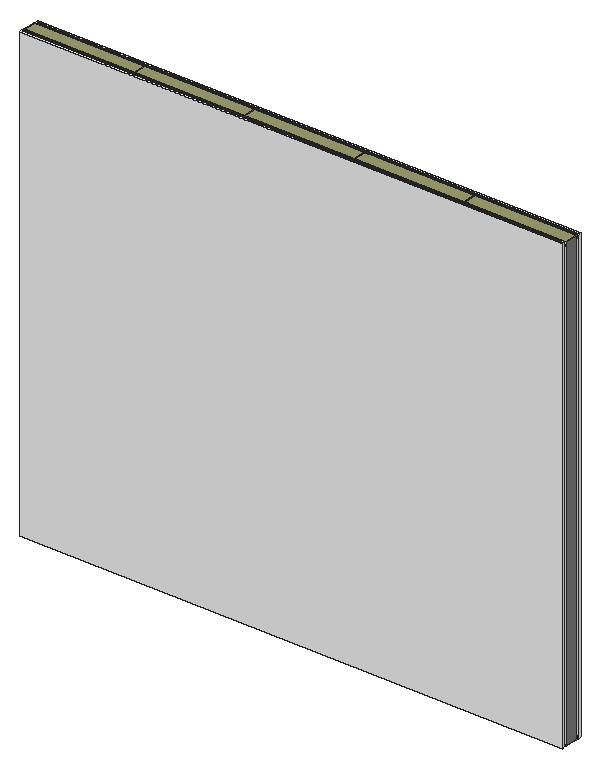
Revit family "Wall Acoustic Batt (R2.2)", category Structural Stiffeners, Revit 2020
Family settings
  OmniClass Number = 23.25.30.11.27
  OmniClass Title = Vibration and Earthquake Controls
  Cut with Voids When Loaded = No
  Shared = No
Parameters (values of type "R2.2 - Wall Acoustic Batts")
  URL = "www.ecowool.com.au"
  U-Value W/m2k = 0 mm
  U Value Report = ""
  Typical weight of ECOWOOL-Kg/M2 = 0 mm
  Type of Insulation = "Glass Mineral Wool Blanket with vapour barrier"
  Total System Thickness-mm = 90 mm
  Thermal R Value = 2.2
  Thermal K Value = 0.0327
  SubW [instance] = roundup([built-in parameter 1001306] / 609 mm) * 609 mm  # 3045 mm
  SubL [instance] = if([built-in parameter 1001306] > 1218 mm, No Insulation * 609 mm, if([built-in parameter 1001306] > 609 mm, 609 mm, if([built-in parameter 1001306] > 0 mm, 0 mm, No Insulation * 609 mm))) + 1 mm  # 2437 mm
  Remarks = ""
  No Metal Stud [instance] = ([built-in parameter 1001306] / [Metal Stud Spacer (mm)])  # 5
  No Insulation [instance] = roundup(SubW / 609 mm) - 1  # 4
  Model = "Wall Acoustic Batt"
  Metal Stud Width = [Insulation Thickness (mm)]  # 75 mm
  Metal Stud Spacer (mm) = 609 mm
  Material Specification = ""
  Manufacturer = "PGF Insulation Sdn. Bhd."
  built-in parameter 1001306 [instance] = 3000 mm
  Insulation Length (mm) = 609 mm
  Insulation Thickness (mm) = 75 mm
  Installation and Workmanship- Same for all the system = ""
  Height Wall (mm) = 2500 mm
  Handling and Storage- Same for all system = ""
  Gypsum Thickness (mm) = 12.5 mm
  Finish = Wall Acoustic Batt
  FAQ- Same for all System = ""
  ECOWOOL Product thickness in mm = "75 x 32.000000 kg/m³"
  Description = "Ecowool Wall Acoustic Batts is semi-rigid or rigid slabs of non-combustible, water repellent, glass mineral wool. They are designed to suit internal walls and ceiling of residential, commercial and industrial buildings. Excellent thermal, acoustic and fire safety performance"
  Density = 32.00 kg/m³
  AutoCad Drawing = ""
Types (3, lengths in mm): name | Total System Thickness-mm | Thermal K Value | ECOWOOL Product thickness in mm | Density
  (no name) | 90 | 0.0327 | "75 x 32.000000 kg/m³" | 32.00 kg/m³
  75mm | 75 | 0.0396 | "75 x 13.000000 kg/m³" | 13.00 kg/m³
  R2.2 - Wall Acoustic Batts | 90 | 0.0327 | "75 x 32.000000 kg/m³" | 32.00 kg/m³
Reference planes
  plane 1 "Center (Front/Back)": y = -12.5
  plane 2: z = 0
  plane 3 "Left": x = 0
  plane 4 "Right": x = 3000
  plane 5: z = 2500
  plane 6: x = 2437
  plane 7: x = 3046
Forms (mm)
  Extrusion 1, solid, material "Wall Acoustic Batt" <- "Finish"
    sketch origin (0, 0, 0) x (1, 0, 0) y (0, 1, 0)
      loop
        line (2437, 25) -> (2437, -50) -> (3046, -50) -> (3046, 25) -> (2437, 25)
    from 0 to 2500
  Extrusion 2, void
    sketch origin (0, 0, 0) x (1, 0, 0) y (0, 1, 0)
      loop
        line (2999, 25) -> (2999, -50) -> (3046, -50) -> (3046, 25) -> (2999, 25)
    from -45.694 to 2779.923
Cuts and joins
  Extrusion 2 cuts Extrusion 1
Lines and regions (mm)
  reference lines
    curve 1: line (0, -12.5, 0) -> (3000, -12.5, 0)
Dimensions and locks
  "built-in parameter 1001306": plane 3 "Left" to plane 4 "Right"
  "Height Wall (mm)": plane 5 to level
  equal spacing: group 1, group 2, group 3, group 4, group 5  (x3)
  "Metal Stud Spacer (mm)": plane 3 "Left" to nested 3
  "SubL": plane 3 "Left" to plane 6
  locked: plane 6 to plane 7 at 609
  equal spacing: Extrusion 1 sketch curve, plane 1 "Center (Front/Back)", Extrusion 1 sketch curve
  "Insulation Thickness (mm)": Extrusion 1 sketch curve to Extrusion 1 sketch curve
  equal spacing: Extrusion 1, plane 1 "Center (Front/Back)", Extrusion 2 sketch curve
  "Insulation Thickness (mm)": Extrusion 2 sketch curve to Extrusion 2 sketch curve
  locked: Extrusion 2 sketch curve to plane 4 "Right" at 1
  plane 4 "Right" to plane 7 = 46 mm
  plane 6 to plane 4 "Right" = 563 mm
  equal spacing: group 6, group 7, group 8, group 9  (x3)
  equal spacing: Extrusion 2 sketch curve, Extrusion 2 sketch curve, nested 1
  aligned and locked: plane 4 "Right" to curve 1
  aligned and locked: plane 1 "Center (Front/Back)" to curve 1
  aligned and locked: plane 3 "Left" to curve 1
  aligned and locked: plane 3 "Left" to nested 1
  aligned and locked: plane 4 "Right" to nested 1
  aligned and locked: plane 5 to nested 2
  aligned and locked: plane 3 "Left" to nested 6
  aligned and locked: nested 8 to plane 4 "Right"
  aligned and locked: plane 1 "Center (Front/Back)" to nested 1
  aligned and locked: plane 1 "Center (Front/Back)" to nested 2
  aligned and locked: plane 1 "Center (Front/Back)" to nested 6
  aligned and locked: nested 8 to plane 1 "Center (Front/Back)"
  aligned and locked: nested 10 to nested 2
  aligned and locked: plane 1 "Center (Front/Back)" to nested 10
  aligned and locked: plane 7 to Extrusion 1 sketch curve
  aligned and locked: Extrusion 1 sketch curve to plane 6
  aligned and locked: plane 5 to Extrusion 1
  aligned and locked: Extrusion 1 to level
Automatic sketch dimensions
  Extrusion 2 sketch curve to plane 7 = 0 mm
Nested families
  nested 1: "Gypsum Plasterboard" at (0, -12.5, 0), type "Gypsum Plasterboard"
    with built-in parameter 1001306 3000 mm, Insulation Width 75 mm
  nested 2: "Metal Stud" at (0, -12.5, 0), type "Metal Stud"
    with Metal Stud Width 75 mm
  nested 3: "Metal Stud" at (609, -12.5, 0), type "Metal Stud"
    with Metal Stud Width 75 mm
  nested 4: "Metal Stud" at (1218, -12.5, 0), type "Metal Stud"
    with Metal Stud Width 75 mm
  nested 5: "Metal Stud" at (1827, -12.5, 0), type "Metal Stud"
    with Metal Stud Width 75 mm
  nested 6: "Metal Runner" at (0, -12.5, 0), type "Metal Runner"
    with Metal Runner Width 75 mm, Length Metal Runner 3000 mm
  nested 7: "Metal Runner" at (0, -12.5, 2500) x (1, 0, 0) z (0, 0, -1), type "Metal Runner"
    with Metal Runner Width 75 mm, Length Metal Runner 3000 mm
  nested 8: "Metal Stud" at (3000, -12.5, 0) x (-1, 0, 0) z (0, 0, 1), type "Metal Stud"
    with Metal Stud Width 75 mm
  nested 9: "Metal Stud" at (2436, -12.5, 0), type "Metal Stud"
    with Metal Stud Width 75 mm
  nested 10: "Insulation Brownie" at (1, -12.5, 0), type "Insulation Brownie"
  nested 11: "Insulation Brownie" at (610, -12.5, 0), type "Insulation Brownie"
  nested 12: "Insulation Brownie" at (1219, -12.5, 0), type "Insulation Brownie"
  nested 13: "Insulation Brownie" at (1828, -12.5, 0), type "Insulation Brownie"
Definition of nested family "Gypsum Plasterboard"
  Parameters (values of type "Gypsum Plasterboard")
    Manufacturer = "Rockwool"
    built-in parameter 1001306 [instance] = 1200 mm
    Insulation Width = 50 mm
    Height Wall = 2500 mm
    Gypsum Thickness = 12.5 mm
    Description = "Double layers wall system - Rigislab 5020"
  Reference planes
    plane 1 "Center (Front/Back)": y = 0
    plane 2: z = 0
    plane 3 "Left": x = 0
    plane 4 "Right": x = 1200
    plane 5: y = 25
    plane 6: y = -25
    plane 7: z = 2500
  Forms (mm)
    Sweep 1, solid
      path origin (0, 0, 0) x (1, 0, 0) y (0, 1, 0)
        loop
          line (0, 0) -> (1200, 0)
      profile origin (600, 0, 0) x (0, 1, 0) y (0, 0, 1)
        loop
          line (-25, 2500) -> (-37.5, 2500) -> (-37.5, 0) -> (-25, 0) -> (-25, 2500)
    Sweep 2, solid
      path origin (0, -12.5, 0) x (1, 0, 0) y (0, 1, 0)
        loop
          line (0, 0) -> (1200, 0)
      profile origin (600, -12.5, 0) x (0, 1, 0) y (0, 0, 1)
        loop
          line (-25, 2500) -> (-37.5, 2500) -> (-37.5, 0) -> (-25, 0) -> (-25, 2500)
    Sweep 3, solid
      path origin (0, 0, 0) x (1, 0, 0) y (0, -1, 0)
        loop
          line (0, 0) -> (1200, 0)
      profile origin (600, 0, 0) x (0, 1, 0) y (0, 0, 1)
        loop
          line (25, 2500) -> (25, 0) -> (37.5, 0) -> (37.5, 2500) -> (25, 2500)
    Sweep 4, solid
      path origin (0, 12.5, 0) x (1, 0, 0) y (0, -1, 0)
        loop
          line (0, 0) -> (1200, 0)
      profile origin (600, 12.5, 0) x (0, 1, 0) y (0, 0, 1)
        loop
          line (25, 2500) -> (25, 0) -> (37.5, 0) -> (37.5, 2500) -> (25, 2500)
  Lines and regions (mm)
    reference lines
      curve 1: line (0, 0, 0) -> (1200, 0, 0)
  Dimensions and locks
    "built-in parameter 1001306": plane 3 "Left" to plane 4 "Right"
    "Insulation Width": plane 6 to plane 5
    "built-in parameter 1001306": Sweep 1 sketch curve to Sweep 1 sketch curve
    "Gypsum Thickness": Sweep 1 sketch curve to Sweep 1 sketch curve
    "Height Wall": level to plane 7
    "built-in parameter 1001306": Sweep 2 sketch curve to Sweep 2 sketch curve
    "Gypsum Thickness": Sweep 2 sketch curve to Sweep 2 sketch curve
    "built-in parameter 1001306": Sweep 3 sketch curve to Sweep 3 sketch curve
    "Gypsum Thickness": Sweep 3 sketch curve to Sweep 3 sketch curve
    "built-in parameter 1001306": Sweep 4 sketch curve to Sweep 4 sketch curve
    "Gypsum Thickness": Sweep 4 sketch curve to Sweep 4 sketch curve
    equal spacing: plane 6, plane 1 "Center (Front/Back)", plane 5
    aligned and locked: plane 4 "Right" to curve 1
    aligned and locked: plane 1 "Center (Front/Back)" to curve 1
    aligned and locked: plane 3 "Left" to curve 1
    aligned and locked: Sweep 1 sketch curve to plane 6
    aligned and locked: Sweep 1 sketch curve to plane 7
    aligned and locked: Sweep 1 to Sweep 2
    aligned and locked: Sweep 4 to Sweep 3
    aligned and locked: plane 5 to Sweep 3
    aligned and locked: Sweep 4 to Sweep 4
    aligned and locked: plane 7 to Sweep 2 sketch curve
    aligned and locked: Sweep 3 sketch curve to plane 7
    aligned and locked: Sweep 4 sketch curve to plane 7
  Automatic sketch dimensions
    plane 1 "Center (Front/Back)" to Sweep 1 sketch curve = 0 mm
    Sweep 1 sketch curve to plane 3 "Left" = 0 mm
    Sweep 1 sketch curve to level = 0 mm
    Sweep 2 sketch curve to plane 3 "Left" = 0 mm
    plane 1 "Center (Front/Back)" to Sweep 2 sketch curve = 12.5 mm
    Sweep 2 sketch curve to level = 0 mm
    profile plane to Sweep 2 sketch curve = 37.5 mm
    plane 1 "Center (Front/Back)" to Sweep 3 sketch curve = 0 mm
    Sweep 3 sketch curve to plane 3 "Left" = 0 mm
    Sweep 3 sketch curve to level = 0 mm
    Sweep 3 sketch curve to profile plane = 25 mm
    Sweep 4 sketch curve to plane 3 "Left" = 0 mm
    plane 1 "Center (Front/Back)" to Sweep 4 sketch curve = 12.5 mm
    Sweep 4 sketch curve to level = 0 mm
    Sweep 4 sketch curve to profile plane = 25 mm
Definition of nested family "Metal Stud"
  Parameters (values of type "Metal Stud")
    Metal Stud Width = 50 mm
    Height = 2500 mm
  Reference planes
    plane 1 "Center (Front/Back)": y = 0
    plane 2: z = 0
    plane 3 "Center (Left/Right)": x = 0
    plane 4 "Center L/S": y = 25
    plane 5 "Center L/T": y = -25
    plane 6: z = 1
    plane 7: z = 2500
    plane 8: z = 2499
  Forms (mm)
    Extrusion 1, solid
      sketch origin (0, 0, 0) x (1, 0, 0) y (0, 1, 0)
        loop
          line (0, 25) -> (0, -25) -> (20, -25) -> (20, -24) -> (1, -24) -> (1, 24) -> (20, 24) -> (20, 25) -> (0, 25)
      from 1 to 2499
  Dimensions and locks
    Extrusion 1 sketch curve to Extrusion 1 sketch curve = 1 mm  (x3)
    locked: plane 8 to plane 7 at 1
    plane 1 "Center (Front/Back)" to Extrusion 1 = 25 mm
    "Height": plane 7 to level
    "Metal Stud Width": plane 5 "Center L/T" to plane 4 "Center L/S"
    equal spacing: plane 5 "Center L/T", plane 1 "Center (Front/Back)", plane 4 "Center L/S"
    locked: plane 6 to plane 2 at 1
    aligned and locked: plane 4 "Center L/S" to Extrusion 1
    aligned and locked: plane 5 "Center L/T" to Extrusion 1
    aligned and locked: plane 3 "Center (Left/Right)" to Extrusion 1
    aligned and locked: Extrusion 1 to plane 6
    aligned and locked: plane 8 to Extrusion 1
  Automatic sketch dimensions
    Extrusion 1 sketch curve to plane 3 "Center (Left/Right)" = 0 mm
    plane 4 "Center L/S" to Extrusion 1 sketch curve = 0 mm
    plane 5 "Center L/T" to Extrusion 1 sketch curve = 0 mm
    Extrusion 1 sketch curve to Extrusion 1 sketch curve = 19 mm  (x2)
Definition of nested family "Metal Runner"
  Parameters (values of type "Metal Runner")
    Metal Runner Width = 48 mm
    Length Metal Runner = 2460 mm
    Default Elevation = 1219.2 mm
  Reference planes
    plane 1 "Center (Front/Back)": y = 0
    plane 2: z = 0
    plane 3 "Center (Left/Right)": x = 0
    plane 4 "Center L/S": y = 24
    plane 5 "Center L/T": y = -24
  Forms (mm)
    Extrusion 1, solid
      sketch origin (0, 0, 0) x (0, 1, 0) y (0, 0, 1)
        loop
          line (24, 0) -> (24, 20) -> (23, 20) -> (23, 1) -> (-23, 1) -> (-23, 20) -> (-24, 20) -> (-24, 0) -> (24, 0)
      from 0 to 2460
  Dimensions and locks
    "Metal Runner Width": plane 5 "Center L/T" to plane 4 "Center L/S"
    equal spacing: plane 5 "Center L/T", plane 1 "Center (Front/Back)", plane 4 "Center L/S"
    Extrusion 1 sketch curve to Extrusion 1 sketch curve = 1 mm  (x3)
    "Length Metal Runner": Extrusion 1 to Extrusion 1
    aligned and locked: plane 4 "Center L/S" to Extrusion 1 sketch curve
    aligned and locked: Extrusion 1 sketch curve to level
    aligned and locked: plane 5 "Center L/T" to Extrusion 1 sketch curve
  Automatic sketch dimensions
    Extrusion 1 sketch curve to Extrusion 1 sketch curve = 19 mm  (x2)
Definition of nested family "Insulation Brownie"
  Parameters (values of type "Insulation Brownie")
    Thickness Insulation = 75 mm
    Length of Insulation = 609 mm
    Height of Insulation = 2500 mm
    Finish = none
  Reference planes
    plane 1 "Center (Front/Back)": y = 0
    plane 2: z = 0
    plane 3 "Center (Left/Right)": x = 0
    plane 4: z = 2500
    plane 5: y = 37.5
    plane 6: y = -37.5
  Forms (mm)
    Sweep 1, solid, material <- "Finish"
      path origin (0, 0, 0) x (1, 0, 0) y (0, 1, 0)
        loop
          line (0, 0) -> (609, 0)
      profile origin (304.5, 0, 0) x (0, 1, 0) y (0, 0, 1)
        loop
          line (37.5, 2500) -> (-37.5, 2500) -> (-37.5, 0) -> (37.5, 0) -> (37.5, 2500)
  Dimensions and locks
    "Length of Insulation": Sweep 1 sketch curve to Sweep 1 sketch curve
    "Height of Insulation": plane 4 to level
    equal spacing: plane 5, plane 1 "Center (Front/Back)", plane 6
    "Thickness Insulation": plane 5 to plane 6
    aligned and locked: plane 3 "Center (Left/Right)" to Sweep 1 sketch curve
    aligned and locked: plane 5 to Sweep 1 sketch curve
    aligned and locked: Sweep 1 sketch curve to plane 6
  Automatic sketch dimensions
    plane 1 "Center (Front/Back)" to Sweep 1 sketch curve = 0 mm
    Sweep 1 sketch curve to level = 0 mm
    Sweep 1 sketch curve to plane 4 = 0 mm
